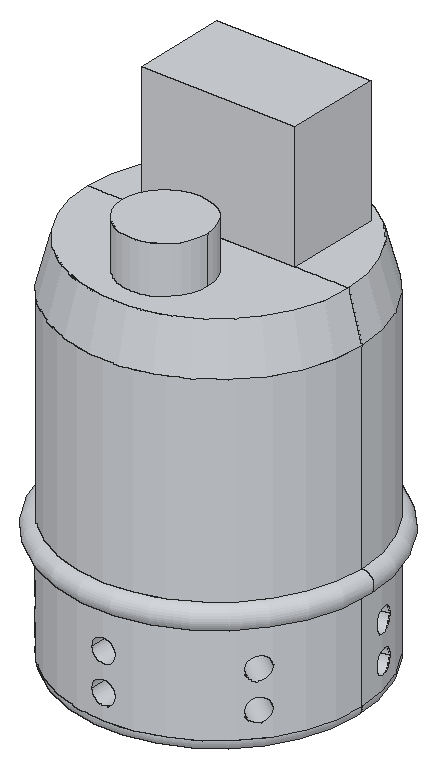
Revit family "de323f86873244cf96bf45c47ebaa027", category Mechanical Equipment, Revit 2021
Family settings
  Round Connector Dimension = Use Radius
  Classification = Pump
  Part Type = Normal
  OmniClass Number = 23.60.30.21
  OmniClass Title = Pumps
  Work Plane-Based = No
  Always vertical = Yes
  Cut with Voids When Loaded = No
  Shared = No
  Room Calculation Point = No
Parameters (values of type "40 GPM - 5 Foot Head")
  Voltage [instance] = 115 V
  Symbol Radius = Base Diameter / 2  # 3 9/32"
  Pump Material = none
  Number of Poles [instance] = 1
  Load Classification = Appliance - Dwelling Unit
  Length 2 = Discharge Body Radius + 1/2"  # 1 13/32"
  Length 1 = 1"
  Height = 10 3/4"
  Flow [instance] = 40 GPM
  Discharge Nominal Radius = 5/8"
  Discharge Nominal Diameter = Discharge Nominal Radius * 2  # 1 1/4"
  Discharge Height = 9 3/32"
  Discharge Body Radius = Discharge Nominal Radius * 1.05 + 1/4"  # 29/32"
  Default Elevation = 0"
  Base Height = 2 3/8"
  Base Diameter = 6 9/16"
  Apparent Load [instance] = 0 VA
Reference planes (in)
  plane 1 "Center (Front/Back)": y = 0
  plane 2: z = 0
  plane 3 "Center (Left/Right)": x = 0
  plane 4: z = 10.75
  plane 5: z = 2.375
  plane 6: z = 9.09375
  plane 7: x = -3.28125
  plane 8: x = 3.28125
  plane 9: z = 8.09375
  plane 10: z = 2.625
  plane 11: x = -3.03125
  plane 12: z = 7.09375
  plane 13: y = -1.40625
  plane 14: y = 2
  plane 15: z = 1.58333
  plane 16: z = 0.79167
  plane 17 "dt": z = 11.75
Forms (in)
  Revolve 1, solid, material <- "Pump Material"
    sketch origin (0, 0, 0) x (1, 0, 0) y (0, 0, 1)
      loop
        line (0, 0) -> (0, 8.09375) -> (-2.7633, 8.09375) -> (-3.03125, 7.09375) -> (-3.03125, 2.875)
        arc (-3.03125, 2.875) -> (-3.28125, 2.625) -> (-3.03125, 2.375) r 0.25
        line (-3.03125, 2.375) -> (-3.03125, 0.25)
        arc (-3.03125, 0.25) -> (-2.95803, 0.07322) -> (-2.78125, 0) r 0.25
        line (-2.78125, 0) -> (0, 0)
      axis (0, 8.09375) -> (0, 0)
    angle from 0 to 360
  Extrusion 2, solid, material <- "Pump Material"
    sketch origin (0, 0, 0) x (1, 0, 0) y (0, 1, 0)
      loop
        circle (0, -1.40625) r 0.90625
    from 8.09375 to 9.09375
  Extrusion 3, solid, material <- "Pump Material"
    sketch origin (0, 0, 0) x (1, 0, 0) y (0, 1, 0)
      loop
        line (-1.62297, 2) -> (-1.62297, 0) -> (1.62297, 0) -> (1.62297, 2) -> (-1.62297, 2)
    from 8.09375 to 10.75
  Extrusion 4, void
    sketch origin (0, 0, 0) x (1, 0, 0) y (0, 0, 1)
      loop
        circle (0, 1.58333) r 0.25
      loop
        circle (0, 0.79167) r 0.25
    from 0.625 <- "Discharge Nominal Radius" to 6.5625 <- "Base Diameter"
  Extrusion 5, void
    sketch origin (0, 0, 0) x (0.62349, -0.781831, 0) y (0, 0, 1)
      loop
        circle (0, 1.58333) r 0.25
      loop
        circle (0, 0.79167) r 0.25
    from 0.625 <- "Discharge Nominal Radius" to 6.5625 <- "Base Diameter"
  Extrusion 6, void
    sketch origin (0, 0, 0) x (0.62349, 0.781831, 0) y (0, 0, 1)
      loop
        circle (0, 1.58333) r 0.25
      loop
        circle (0, 0.79167) r 0.25
    from 0.625 <- "Discharge Nominal Radius" to 6.5625 <- "Base Diameter"
  Extrusion 7, void
    sketch origin (0, 0, 0) x (-0.222521, 0.974928, 0) y (0, 0, 1)
      loop
        circle (0, 1.58333) r 0.25
      loop
        circle (0, 0.79167) r 0.25
    from 0.625 <- "Discharge Nominal Radius" to 6.5625 <- "Base Diameter"
  Extrusion 8, void
    sketch origin (0, 0, 0) x (-0.900969, 0.433884, 0) y (0, 0, 1)
      loop
        circle (0, 1.58333) r 0.25
      loop
        circle (0, 0.79167) r 0.25
    from 0.625 <- "Discharge Nominal Radius" to 6.5625 <- "Base Diameter"
  Extrusion 9, void
    sketch origin (0, 0, 0) x (-0.900969, -0.433884, 0) y (0, 0, 1)
      loop
        circle (0, 1.58333) r 0.25
      loop
        circle (0, 0.79167) r 0.25
    from 0.625 <- "Discharge Nominal Radius" to 6.5625 <- "Base Diameter"
  Extrusion 10, void
    sketch origin (0, 0, 0) x (-0.222521, -0.974928, 0) y (0, 0, 1)
      loop
        circle (0, 1.58333) r 0.25
      loop
        circle (0, 0.79167) r 0.25
    from 0.625 <- "Discharge Nominal Radius" to 6.5625 <- "Base Diameter"
Cuts and joins
  Extrusion 4, Extrusion 5, Extrusion 6, Extrusion 7, Extrusion 8, Extrusion 9, Extrusion 10 cuts Revolve 1
Lines and regions (in)
  Masking region 1, detail levels fine
    outline origin (0, 0, 0) x (1, 0, 0) y (0, 1, 0)
      loop
        circle (0, 0) r 3.28125
  symbolic lines, detail levels fine
    curve 1: line (1.62297, 0, 0) -> (1.62297, 2, 0)
    curve 2: line (1.62297, 2, 0) -> (-1.62297, 2, 0)
    curve 3: line (-1.62297, 2, 0) -> (-1.62297, 0, 0)
    curve 4: line (-1.62297, 0, 0) -> (1.62297, 0, 0)
    curve 5: circle (0, -1.40625, 0) r 0.90625 normal (0, 0, 1)
    curve 6: circle (0, -1.40625, 0) r 0.625 normal (0, 0, 1)
Dimensions and locks (in)
  "Height": plane 4 to level
  "Base Height": plane 5 to level
  "Discharge Height": plane 6 to level
  equal spacing: plane 8, plane 3 "Center (Left/Right)", plane 7
  "Base Diameter": plane 8 to plane 7
  locked: plane 6 to plane 9 at 1
  locked: plane 10 to plane 5 at 0.25
  locked: plane 11 to plane 7 at 0.25
  "Length 1": plane 9 to plane 12
  "Length 2": plane 1 "Center (Front/Back)" to plane 13
  locked: plane 14 to plane 1 "Center (Front/Back)" at 2
  equal spacing: Extrusion 3 sketch curve, plane 3 "Center (Left/Right)", Extrusion 3 sketch curve
  equal spacing: plane 5, plane 15, plane 16, level
  locked: plane 17 "dt" to plane 4 at 1
  "Discharge Body Radius": radius of Extrusion 2 sketch curve
  "Symbol Radius": radius of Masking region 1 sketch curve
  "Discharge Nominal Radius": radius of curve 6
  locked: Revolve 1 sketch curve to Revolve 1 sketch curve (angle 165.00°)
  aligned and locked: Revolve 1 sketch curve to plane 3 "Center (Left/Right)"
  aligned and locked: plane 11 to Revolve 1 sketch curve
  aligned and locked: plane 10 to Revolve 1 sketch curve
  aligned and locked: level to Revolve 1 sketch curve
  aligned and locked: Revolve 1 sketch curve to Revolve 1 sketch curve
  aligned and locked: plane 12 to Revolve 1 sketch curve
  aligned and locked: plane 9 to Revolve 1 sketch curve
  aligned and locked: plane 3 "Center (Left/Right)" to Extrusion 2 sketch curve
  aligned and locked: plane 13 to Extrusion 2 sketch curve
  aligned and locked: Extrusion 2 to plane 9
  aligned and locked: plane 6 to Extrusion 2
  aligned and locked: Extrusion 3 to plane 9
  aligned and locked: plane 4 to Extrusion 3
  aligned and locked: plane 3 "Center (Left/Right)" to Masking region 1 sketch curve
  aligned and locked: plane 1 "Center (Front/Back)" to Masking region 1 sketch curve
  aligned and locked: curve 1 to Extrusion 3
  aligned and locked: curve 2 to Extrusion 3
  aligned and locked: curve 3 to Extrusion 3
  aligned and locked: curve 4 to Extrusion 3
  aligned and locked: curve 5 to Extrusion 2
  aligned and locked: plane 3 "Center (Left/Right)" to curve 6
  aligned and locked: plane 13 to curve 6
Automatic sketch dimensions
  plane 1 "Center (Front/Back)" to Extrusion 3 sketch curve = 0"
  Extrusion 3 sketch curve to plane 14 = 0"
  Extrusion 3 sketch curve to plane 3 "Center (Left/Right)" = 1.62297"
  Extrusion 4 sketch curve to Extrusion 4 sketch curve = 0"
  Extrusion 4 sketch curve to Extrusion 4 sketch curve = 0.79167"
  Extrusion 5 sketch curve to Extrusion 5 sketch curve = 0"
  Extrusion 5 sketch curve to Extrusion 5 sketch curve = 0.79167"
  Extrusion 6 sketch curve to Extrusion 6 sketch curve = 0"
  Extrusion 6 sketch curve to Extrusion 6 sketch curve = 0.79167"
  Extrusion 7 sketch curve to Extrusion 7 sketch curve = 0"
  Extrusion 7 sketch curve to Extrusion 7 sketch curve = 0.79167"
  Extrusion 8 sketch curve to Extrusion 8 sketch curve = 0"
  Extrusion 8 sketch curve to Extrusion 8 sketch curve = 0.79167"
  Extrusion 9 sketch curve to Extrusion 9 sketch curve = 0"
  Extrusion 9 sketch curve to Extrusion 9 sketch curve = 0.79167"
  Extrusion 10 sketch curve to Extrusion 10 sketch curve = 0"
  Extrusion 10 sketch curve to Extrusion 10 sketch curve = 0.79167"
  Extrusion 4 sketch curve to plane 3 "Center (Left/Right)" = 0"
  Extrusion 4 sketch curve to plane 16 = 0"
  Extrusion 5 sketch curve to plane 16 = 0"
  Extrusion 6 sketch curve to plane 16 = 0"
  plane 16 to Extrusion 7 sketch curve = 0"
  plane 16 to Extrusion 8 sketch curve = 0"
  plane 16 to Extrusion 9 sketch curve = 0"
  plane 16 to Extrusion 10 sketch curve = 0"
  Revolve 1 sketch curve to plane 5 = 0"
  Revolve 1 sketch curve to Revolve 1 sketch curve = 1/4"
  Revolve 1 sketch curve to level = 4.14975"
  plane 17 "dt" to Revolve 1 sketch curve = 5.60025"
  radius of Extrusion 4 sketch curve = 1/4"  (x2)
  radius of Extrusion 5 sketch curve = 1/4"  (x2)
  radius of Extrusion 6 sketch curve = 1/4"  (x2)
  radius of Extrusion 7 sketch curve = 1/4"  (x2)
  radius of Extrusion 8 sketch curve = 1/4"  (x2)
  radius of Extrusion 9 sketch curve = 1/4"  (x2)
  radius of Extrusion 10 sketch curve = 1/4"  (x2)
Nested families (in)
  nested 1: "Pump Symbol" at (0, 0, 11.75), Symbol Radius <- "Symbol Radius", type "Pump Symbol", detail levels coarse+medium
    with Symbol Radius 3 9/32", Symbol Length 2 2.84165", Symbol Length 1 1 41/64"
Connectors (in)
  piping at (0, -1.40625, 9.09375), diameter 1.25, driven by "Flow", driven by "Discharge Nominal Radius"
    settings: on Extrusion 2, index 1, connector inside diameter 24", connector length 0", flow factor 0, pipe flow 40 GPM, pressure drop 0.00 psi, fitting loss kfactor 0, connector angle 0.00°, fixture units 0, engagement length 0", angle of deflection 0.00°, flow configuration 1, flow direction 2, fitting loss method 0, system type 16, joint type 0, gender type 0, connector reference index -1, connector utility 0, adjustable connector no, is connector primary yes, connector description "Out"
  electrical at (0, 0, 8.09375), driven by "Number of Poles", driven by "Load Classification", driven by "Voltage", driven by "Apparent Load"
    settings: on cut or joined group of Revolve 1, Extrusion 4, Extrusion 5, Extrusion 6, Extrusion 7, Extrusion 8, Extrusion 9, Extrusion 10, index 2, voltage 115 V, apparent load 0 VA, apparent load phase1 0 VA, apparent load phase2 0 VA, apparent load phase3 0 VA, power factor 0.8, load classification "Appliance - Dwelling Unit", number of poles 1, system type 30, power factor state 1, is connector primary yes, connector utility no, sub classification motor no, connector description "Power"
Definition of nested family "Pump Symbol"
  Parameters (values of type "Pump Symbol")
    Symbol Radius [instance] = 24"
    Symbol Length 2 [instance] = cos(30.00°) * Symbol Radius  # 20.78461"
    Symbol Length 1 [instance] = sin(30.00°) * Symbol Radius  # 12"
  Reference planes (in)
    plane 1 "Center (Front/Back)": y = 0
    plane 2: z = 0
    plane 3 "Center (Left/Right)": x = 0
    plane 4: y = 12
    plane 5: y = -24
    plane 6: x = -20.78461
    plane 7: x = 20.78461
  Lines and regions (in)
    Filled region 1, type "Concrete Block", in view "Ref. Level"
      outline origin (0, 0, 0) x (1, 0, 0) y (0, 1, 0)
        loop
          line (-20.78461, 12) -> (0, -24) -> (20.78461, 12) -> (-20.78461, 12)
    detail lines, in view "Ref. Level"
      curve 1: circle (0, 0, 0) r 24 normal (0, 0, 1)
  Dimensions and locks (in)
    "Symbol Radius": plane 1 "Center (Front/Back)" to plane 5
    "Symbol Length 1": plane 4 to plane 1 "Center (Front/Back)"
    "Symbol Length 2": plane 6 to plane 3 "Center (Left/Right)"
    "Symbol Length 2": plane 3 "Center (Left/Right)" to plane 7
    "Symbol Radius": radius of curve 1
    aligned and locked: plane 3 "Center (Left/Right)" to curve 1
    aligned and locked: plane 1 "Center (Front/Back)" to curve 1
  Automatic sketch dimensions
    Filled region 1 sketch curve to plane 4 = 0"
    Filled region 1 sketch curve to plane 6 = 0"
    Filled region 1 sketch curve to plane 3 "Center (Left/Right)" = 0"
    Filled region 1 sketch curve to plane 7 = 0"
    Filled region 1 sketch curve to plane 5 = 0"
